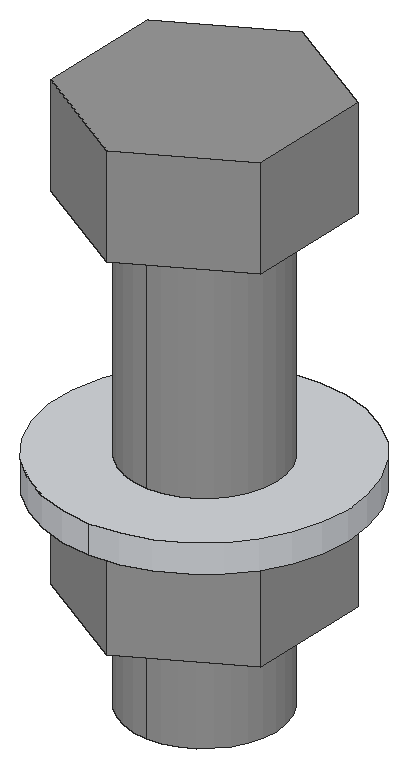
Revit family "050523 - W_P_C - Fastenings - Lag Bolt or Thru Bolt", category Structural Connections, Revit 2019
Family settings
  Material for Model Behavior = Other
  Work Plane-Based = Yes
  Enable cutting in views = Yes
  Always vertical = No
  Cut with Voids When Loaded = No
  Shared = No
Parameters (values of type "5/8")
  Washer Offset - Head = if(Washer_Head_Visibility, 0' 0 1/8", 0' 0")  # 0' - 0"
  Washer Offset = if(Washer_Nut_Visibility, 0' 0 1/8", 0' 0")  # 0' - 0 1/8"
  Washer Material = none
  Washer_Nut_Visibility = yes
  Washer_Head_Visibility = no
  Thickness_of_Substrate [instance] = 0' - 1"
  Side = Head Size * 0.57812  # 0' - 0.54228"
  Radius = Diameter / 2  # 0' - 0.321"
  Nut_Visibility = yes
  Length [instance] = 0' - 2"
  Head Size = 0' - 0.938"
  Head Radius = Head Size / 2  # 0' - 0.469"
  Head Height = 0' - 0.444"
  Diameter = 0' - 0.642"
  Default Elevation = 4' - 0"
  Bolt Material (Size) = 5/8" THRU BOLT (LAGS AT RAILING CONDITIONS)
Types (21): name | Washer Offset - Head | Washer Offset | Washer_Nut_Visibility | Washer_Head_Visibility | Side | Radius | Nut_Visibility | Length | Head Size | Head Radius | Head Height | Diameter | Bolt Material (Size)
  3/4" x 2" | 0' - 0 1/8" | 0' - 0 1/8" | yes | yes | 0' - 0.65039" | 0' - 0 3/8" | yes | 0' - 2" | 0' - 1 1/8" | 0' - 0 9/16" | 0' - 0 1/2" | 0' - 0 3/4" | 3/4" DIAMETER x 8" EMBEDMENT EPOXY ANCHORS
  3/4" x 5" | 0' - 0 1/8" | 0' - 0 1/8" | yes | yes | 0' - 0.65039" | 0' - 0 3/8" | yes | 0' - 5" | 0' - 1 1/8" | 0' - 0 9/16" | 0' - 0 1/2" | 0' - 0 3/4" | EXISTING 3/4" LAG BOLT (THRU BOLT IF PLATE ON OPP. SIDE OF STRUCT MEMBER)
  1"X6" | 0' - 0 1/8" | 0' - 0 1/8" | yes | yes | 0' - 0 111/128" | 0' - 0 1/2" | yes | 0' - 6" | 0' - 1 1/2" | 0' - 0 3/4" | 0' - 0 43/64" | 0' - 1" | 3/4" DIAMETER x 8" EMBEDMENT EPOXY ANCHORS
  1/2 | 0' - 0 1/8" | 0' - 0 1/8" | yes | yes | 0' - 0 111/256" | 0' - 0.2575" | yes | 0' - 2" | 0' - 0 3/4" | 0' - 0 3/8" | 0' - 0.364" | 0' - 0.515" | 3/4" DIAMETER x 8" EMBEDMENT EPOXY ANCHORS
  5/8 | 0' - 0" | 0' - 0 1/8" | yes | no | 0' - 0.54228" | 0' - 0.321" | yes | 0' - 2" | 0' - 0.938" | 0' - 0.469" | 0' - 0.444" | 0' - 0.642" | 5/8" THRU BOLT (LAGS AT RAILING CONDITIONS)
  3/4 | 0' - 0 1/8" | 0' - 0 1/8" | yes | yes | 0' - 0.65039" | 0' - 0.384" | yes | 0' - 2" | 0' - 1 1/8" | 0' - 0 9/16" | 0' - 0.524" | 0' - 0.768" | 3/4" DIAMETER x 8" EMBEDMENT EPOXY ANCHORS
  7/8 | 0' - 0 1/8" | 0' - 0 1/8" | yes | yes | 0' - 0.7585" | 0' - 0.4475" | yes | 0' - 2" | 0' - 1.312" | 0' - 0.656" | 0' - 0.604" | 0' - 0.895" | 3/4" DIAMETER x 8" EMBEDMENT EPOXY ANCHORS
  1 | 0' - 0" | 0' - 0 1/8" | yes | no | 0' - 0 111/128" | 0' - 0.511" | yes | 0' - 2" | 0' - 1 1/2" | 0' - 0 3/4" | 0' - 0.7" | 0' - 1.022" | 1" THRU BOLTS W/ WIDE WASHER AT NUT
  1 1/8 | 0' - 0 1/8" | 0' - 0 1/8" | yes | yes | 0' - 0.97588" | 0' - 0.5745" | yes | 0' - 2" | 0' - 1.688" | 0' - 0.844" | 0' - 0.78" | 0' - 1.149" | 3/4" DIAMETER x 8" EMBEDMENT EPOXY ANCHORS
  1 1/4 | 0' - 0 1/8" | 0' - 0 1/8" | yes | yes | 0' - 1.08398" | 0' - 0.6385" | yes | 0' - 2" | 0' - 1 7/8" | 0' - 0 15/16" | 0' - 0.876" | 0' - 1.277" | 3/4" DIAMETER x 8" EMBEDMENT EPOXY ANCHORS
  1 3/8 | 0' - 0 1/8" | 0' - 0 1/8" | yes | yes | 0' - 1.19209" | 0' - 0.702" | yes | 0' - 2" | 0' - 2.062" | 0' - 1.031" | 0' - 0.94" | 0' - 1.404" | 3/4" DIAMETER x 8" EMBEDMENT EPOXY ANCHORS
  1 1/2 | 0' - 0 1/8" | 0' - 0 1/8" | yes | yes | 0' - 1 77/256" | 0' - 0.7655" | yes | 0' - 2" | 0' - 2 1/4" | 0' - 1 1/8" | 0' - 1.036" | 0' - 1.531" | 3/4" DIAMETER x 8" EMBEDMENT EPOXY ANCHORS
  1 5/8 | 0' - 0 1/8" | 0' - 0 1/8" | yes | yes | 0' - 1.40947" | 0' - 0.829" | yes | 0' - 2" | 0' - 2.438" | 0' - 1.219" | 0' - 1.116" | 0' - 1.658" | 3/4" DIAMETER x 8" EMBEDMENT EPOXY ANCHORS
  1 3/4 | 0' - 0 1/8" | 0' - 0 1/8" | yes | yes | 0' - 1.51758" | 0' - 0.8925" | yes | 0' - 2" | 0' - 2 5/8" | 0' - 1 5/16" | 0' - 1.196" | 0' - 1.785" | 3/4" DIAMETER x 8" EMBEDMENT EPOXY ANCHORS
  1 7/8 | 0' - 0 1/8" | 0' - 0 1/8" | yes | yes | 0' - 1.62569" | 0' - 0.956" | yes | 0' - 2" | 0' - 2.812" | 0' - 1.406" | 0' - 1.276" | 0' - 1.912" | 3/4" DIAMETER x 8" EMBEDMENT EPOXY ANCHORS
  2 | 0' - 0 1/8" | 0' - 0 1/8" | yes | yes | 0' - 1 47/64" | 0' - 1.0195" | yes | 0' - 2" | 0' - 3" | 0' - 1 1/2" | 0' - 1.388" | 0' - 2.039" | 3/4" DIAMETER x 8" EMBEDMENT EPOXY ANCHORS
  2 1/4 | 0' - 0 1/8" | 0' - 0 1/8" | yes | yes | 0' - 1.95117" | 0' - 1.1525" | yes | 0' - 2" | 0' - 3 3/8" | 0' - 1 11/16" | 0' - 1.548" | 0' - 2.305" | 3/4" DIAMETER x 8" EMBEDMENT EPOXY ANCHORS
  2 1/2 | 0' - 0 1/8" | 0' - 0 1/8" | yes | yes | 0' - 2 43/256" | 0' - 1.2795" | yes | 0' - 2" | 0' - 3 3/4" | 0' - 1 7/8" | 0' - 1.708" | 0' - 2.559" | 3/4" DIAMETER x 8" EMBEDMENT EPOXY ANCHORS
  5/8" | 0' - 0" | 0' - 0" | no | no | 0' - 0 111/128" | 0' - 0 5/16" | no | 0' - 6" | 0' - 1 1/2" | 0' - 0 3/4" | 0' - 0 43/64" | 0' - 0 5/8" | 3/4" DIAMETER x 8" EMBEDMENT EPOXY ANCHORS
  1" | 0' - 0" | 0' - 0 1/8" | yes | no | 0' - 0 111/128" | 0' - 0 1/2" | yes | 0' - 6" | 0' - 1 1/2" | 0' - 0 3/4" | 0' - 0 43/64" | 0' - 1" | 1" THRU BOLTS W/ WIDE WASHER AT NUT
  1" AT TOP | 0' - 0" | 0' - 0 1/8" | yes | no | 0' - 0 111/128" | 0' - 0 1/2" | yes | 0' - 6" | 0' - 1 1/2" | 0' - 0 3/4" | 0' - 0 43/64" | 0' - 1" | 3/4" DIAMETER x 8" EMBEDMENT EPOXY ANCHORS
Reference planes (in)
  plane 1 "Center (Front/Back)": y = 0
  plane 2: z = 0
  plane 3 "Center (Left/Right)": x = 0
  plane 4: z = 0.444
  plane 5: z = -2
  plane 6: y = 0
  plane 7: x = 0
  plane 8: z = -1
  plane 9: z = 0
  plane 10: z = -1.125
  plane 11: z = 0
  plane 12: through (0, 0, 48) normal (0.866, 0.5, 0)
  plane 13: through (0, 0, 48) normal (0.866, -0.5, 0)
  plane 14: through (0, 0, 48) normal (0.5, -0.866, 0)
  plane 15: through (0, 0, 48) normal (-0.5, -0.866, 0)
Forms (in)
  Extrusion 1, solid, material "5/8" THRU BOLT (LAGS AT RAILING CONDITIONS)" <- "Bolt Material (Size)"
    sketch origin (0, 8.71147, 0) x (0, 1, 0) y (-1, 0, 0)
      loop
        circle (-8.71147, 0) r 0.321
    from -2 to 0
Lines and regions (in)
  model lines, style "InvisibleLines"
    curve 1: line (0, -0.64952, 0.444) -> (0, 0.64952, 0.444)
    curve 2: line (0.469, 0, 0.444) -> (-0.469, 0, 0.444)
  symbolic lines, style "InvisibleLines"
    curve 3: line (0, 0, 0.444) -> (0, 0, -2)
    curve 4: line (0, 0, 0.444) -> (0, 0, -2)
Dimensions and locks (in)
  "Head Height": plane 4 to plane 9
  "Length": plane 11 to plane 5
  "Thickness_of_Substrate": plane 2 to plane 8
  "Washer Offset": plane 8 to plane 10
  "Washer Offset - Head": plane 9 to plane 2
  "Radius": radius of Extrusion 1 sketch curve
  aligned and locked: level to plane 2
  aligned and locked: Extrusion 1 to plane 5
  aligned and locked: plane 7 to curve 1
  aligned and locked: plane 6 to curve 2
  aligned and locked: plane 6 to curve 4
  aligned and locked: level to plane 11
Automatic sketch dimensions
  curve 3 to plane 3 "Center (Left/Right)" = 0' - 0"
  curve 3 to plane 5 = 0' - 0"
  curve 3 to plane 4 = 0' - 0"
  curve 4 to plane 5 = 0' - 0"
  curve 4 to plane 4 = 0' - 0"
  curve 1 to curve 2 = 0' - 0.64952"
  curve 2 to curve 1 = 0' - 0.64952"
  curve 2 to nested 1 = 0' - 0"  (x2)
  plane 1 "Center (Front/Back)" to Extrusion 1 sketch curve = 0' - 0"
  Extrusion 1 sketch curve to plane 3 "Center (Left/Right)" = 0' - 0"
Nested families (in)
  nested 1: "Nut" at (0, 0, 0), Diameter <- "Diameter", Head Height <- "Head Height", Head Size <- "Head Size", type "one"
    with Side 0' - 0.54228", Radius 0' - 0.321", Head Size 0' - 0.938", Head Radius 0' - 0.469", Head Height 0' - 0.444", Diameter 0' - 0.642"
  nested 2: "Nut" at (0, 0, -1.125) x (1, 0, 0) z (0, 0, -1), Diameter <- "Diameter", Head Height <- "Head Height", Head Size <- "Head Size", visible <- "Nut_Visibility", type "one"
    with Side 0' - 0.54228", Radius 0' - 0.321", Head Size 0' - 0.938", Head Radius 0' - 0.469", Head Height 0' - 0.444", Diameter 0' - 0.642"
  nested 3: "Washer" at (0, 0, -1) x (0, -1, 0) z (0, 0, -1), visible <- "Washer_Nut_Visibility", type "one"
    with Washer Radius 0' - 0.642"
  nested 4: "Washer" at (0, 0, 0) x (0, -1, 0) z (0, 0, 1), visible <- "Washer_Head_Visibility", type "one"
    with Washer Radius 0' - 0.642"
Definition of nested family "Nut"
  Parameters (values of type "one")
    Side [instance] = Head Size * 0.57812  # 0' - 0 111/256"
    Radius [instance] = Diameter / 2  # 0' - 0 1/4"
    Head Size [instance] = 0' - 0 3/4"
    Head Radius [instance] = Head Size / 2  # 0' - 0 3/8"
    Head Height [instance] = 0' - 0 11/32"
    Diameter [instance] = 0' - 0 1/2"
    Default Elevation = 4' - 0"
    Bolt Material (Size) = none
  Reference planes (in)
    plane 1 "Center (Front/Back)": y = 0
    plane 2: z = 0
    plane 3 "Center (Left/Right)": x = 0
    plane 4: z = 0.34375
    plane 5: y = 0
    plane 6: x = 0
  Forms (in)
    Extrusion 1, solid, material <- "Bolt Material (Size)"
      sketch origin (0, 0, 0) x (1, 0, 0) y (0, 1, 0)
        loop
          line (0, 0.43301) -> (-0.375, 0.21651) -> (-0.375, -0.21651) -> (0, -0.43301) -> (0.375, -0.21651) -> (0.375, 0.21651) -> (0, 0.43301)
      from 0 to 0.34375
  Lines and regions (in)
    symbolic lines
      curve 1: line (0, 0, 0.34375) -> (0, 0, -3)
  Dimensions and locks (in)
    "Head Height": plane 4 to level
    "Head Radius": Extrusion 1 sketch curve to plane 3 "Center (Left/Right)"
    "Head Radius": Extrusion 1 sketch curve to plane 6
    "Head Radius": Extrusion 1 sketch curve to plane 5  (x2)
    locked: Extrusion 1 sketch curve to Extrusion 1 sketch curve (angle 120.00°)  (x5)
    aligned and locked: level to plane 2
    aligned and locked: Extrusion 1 to plane 4
    aligned and locked: plane 5 to curve 1
  Automatic sketch dimensions
    curve 1 to plane 4 = 0' - 0"
    curve 1 to level = 0' - 3"
    Extrusion 1 sketch curve to plane 3 "Center (Left/Right)" = 0' - 0"  (x2)
Definition of nested family "Washer"
  Parameters (values of type "one")
    Washer Radius = 0' - 0 3/4"
    Default Elevation = 4' - 0"
    Washer Material = none
  Reference planes (in)
    plane 1 "Center (Front/Back)": y = 0
    plane 2: z = 0
    plane 3 "Center (Left/Right)": x = 0
    plane 4: z = 0.125
    plane 5: y = 0
    plane 6: x = 0
  Forms (in)
    Extrusion 1, solid, material <- "Washer Material"
      sketch origin (0, 0, 0) x (1, 0, 0) y (0, 1, 0)
        loop
          circle (0, 0) r 0.75
      from 0 to 0.125
  Lines and regions (in)
    symbolic lines
      curve 1: line (0, 0, 0.125) -> (0, 0, -3)
  Dimensions and locks (in)
    "Washer Radius": radius of Extrusion 1 sketch curve
    aligned and locked: level to plane 2
    aligned and locked: Extrusion 1 to plane 4
    aligned and locked: plane 5 to curve 1
  Automatic sketch dimensions
    curve 1 to plane 4 = 0' - 0"
    curve 1 to level = 0' - 3"
    plane 1 "Center (Front/Back)" to Extrusion 1 sketch curve = 0' - 0"
    Extrusion 1 sketch curve to plane 3 "Center (Left/Right)" = 0' - 0"
